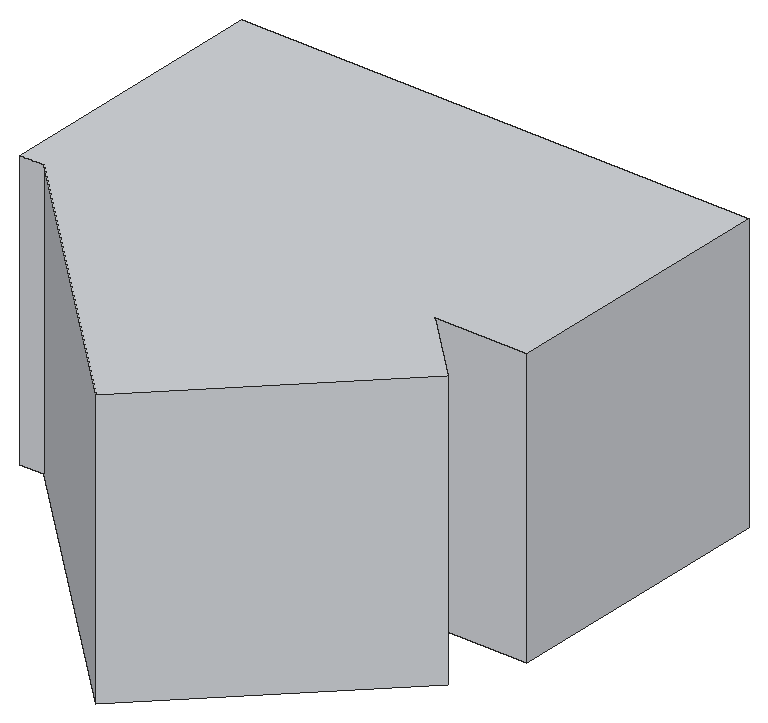
Revit family "M_Rectangular Wye - Lateral", category Duct Fittings, Revit 2014
Parameters (values of type "Standard")
  l6 [instance] = 0.794 mm  # constant formula
  l5 [instance] = 0.794 mm  # constant formula
  l4 [instance] = abs(h0 * cos(Angle))  # 300 mm
  Duct Length 1 [instance] = C1 + C2 + h0  # 549.264 mm
  l2 [instance] = if(Angle = 90.00°, Duct Length 1 / 2 - 25 mm, if(Angle < 90.00°, (Duct Width 3 / 2) * sin(Angle), C2 + h0 - l1 * cos(Angle) - C1 - (Duct Width 3 / 2) * sin(Angle)))  # 106.066 mm
  l1 [instance] = h2 / sin(Angle)  # 62.132 mm
  l0 [instance] = if(Angle = 90.00°, 0 mm, if(Angle < 90.00°, l1 * cos(Angle), 0 mm))  # 43.934 mm
  h2 [instance] = Duct Width 1 / 2 - h1  # 43.934 mm
  h1 [instance] = abs(Duct Width 3 * cos(Angle) / 2)  # 106.066 mm
  h0 [instance] = Duct Width 3 / sin(Angle)  # 424.264 mm
  Duct Width 3 [instance] = 300 mm
  Duct Width 1 [instance] = 300 mm
  Duct Length 3 [instance] = l4 + C3 + l1  # 462.132 mm
  Duct Height [instance] = 300 mm
  Duct Length 12 [instance] = if(Angle = 90.00°, Duct Length 1 / 2, if(Angle < 90.00°, C1 + l2, C2 + h0 - (Duct Width 3 / 2) * sin(Angle)))  # 131.066 mm
  Duct Length 11 [instance] = l4 + C3  # 400 mm
  C3 [instance] = 100 mm
  C2 [instance] = 100 mm
  C1 [instance] = 25 mm
  Assembly Code = ""
  Angle [instance] = 45.00°
Reference planes
  plane 1 "Center (Front/Back)": y = 0
  plane 2: z = 0
  plane 3 "Center (Left/Right)": x = 0
  plane 4: y = -43.934
  plane 5: x = 43.934
  plane 6: x = -62.132
  plane 7: x = -87.132
  plane 8: x = 462.132
  plane 9: x = 43.934
Forms (mm)
  Sweep 1, solid, detail levels medium+fine
    path in 3D
      loop
        line (-87.132, 0, 0) -> (462.132, 0, 0)
    profile "M_Duct - Rectangular : Duct - Rectangular 1" origin (187.5, 0, 0) x (0, 1, 0) y (0, 0, 1)
      loop
        line (-150, 150) -> (-150, -150) -> (150, -150) -> (150, 150) -> (-150, 150)
  Sweep 2, solid, detail levels medium+fine
    path in 3D
      loop
        line (43.934, -43.934, 0) -> (326.777, -326.777, 0)
    profile "M_Duct - Rectangular : Duct - Rectangular 3" origin (185.355, -185.355, 0) x (0.707107, 0.707107, 0) y (0, 0, 1)
      loop
        line (-150, 150) -> (-150, -150) -> (150, -150) -> (150, 150) -> (-150, 150)
Cuts and joins
  joined: Sweep 1, Sweep 2
Lines and regions (mm)
  model lines, detail levels coarse
    curve 1: line (-87.132, 0, 0) -> (462.132, 0, 0)
    curve 2: line (0, 0, 0) -> (326.777, -326.777, 0)
  sketch lines
    curve 3: line (-87.132, 0, 0) -> (462.132, 0, 0)
    curve 5: line (43.934, -43.934, 0) -> (326.777, -326.777, 0)
  reference lines
    curve 4: line (43.934, -43.934, 0) -> (326.777, -326.777, 0)
    curve 6: line (43.934, -43.934, 0) -> (43.373, -43.373, 0)
    curve 7: line (462.132, 0, 0) -> (462.926, 0, 0)
Dimensions and locks
  "h2": plane 4 to plane 1 "Center (Front/Back)"
  "l0": plane 3 "Center (Left/Right)" to plane 5
  "l2": plane 6 to plane 5
  "C1": plane 7 to plane 6
  "Duct Length 1": plane 7 to plane 8
  "Duct Length 3": curve 2 to curve 2
  "Duct Length 11": curve 4 to curve 4
  "Duct Length 12": plane 7 to plane 9
  "l5": curve 6 to curve 6
  "l6": plane 8 to curve 7
  "Angle": angle curve 2 to curve 1
  "Angle": angle curve 4 to plane 4
  locked: curve 4 to curve 6 (angle 180.00°)
  aligned and locked: plane 1 "Center (Front/Back)" to curve 1
  aligned and locked: plane 8 to curve 1
  aligned and locked: plane 7 to curve 1
  aligned and locked: plane 1 "Center (Front/Back)" to curve 2
  aligned and locked: plane 3 "Center (Left/Right)" to curve 2
  aligned and locked: plane 9 to curve 6
  aligned and locked: plane 4 to curve 6
  aligned and locked: plane 1 "Center (Front/Back)" to curve 7
  aligned and locked: plane 8 to curve 7
Connectors
  hvac at (-87.132, 0, 0), driven by "Duct Height", driven by "Duct Width 1"
    settings: on Sweep 1, index 1, duct flow 0.0 L/s, flow factor 0, pres drop 0.0 Pa, loss coef 0, conn angle 0.00°, conn width 300 mm, conn height 300 mm, conn diameter 609.6 mm, duct sys type 28, conn prof type 1, flow config 0, flow direction 0, loss method 0, conn ref index 2, conn util no, is conn primary yes, conn desc ""
  hvac at (462.132, 0, 0), driven by "Duct Height", driven by "Duct Width 1"
    settings: on Sweep 1, index 2, duct flow 0.0 L/s, flow factor 0, pres drop 0.0 Pa, loss coef 0, conn angle 0.00°, conn width 300 mm, conn height 300 mm, conn diameter 609.6 mm, duct sys type 28, conn prof type 1, flow config 0, flow direction 0, loss method 0, conn ref index 1, conn util no, is conn primary no, conn desc ""
  hvac at (326.777, -326.777, 0), driven by "Duct Height", driven by "Duct Width 3", driven by "Angle"
    settings: on Sweep 2, index 3, duct flow 0.0 L/s, flow factor 0, pres drop 0.0 Pa, loss coef 0, conn angle 45.00°, conn width 300 mm, conn height 300 mm, conn diameter 609.6 mm, duct sys type 28, conn prof type 1, flow config 0, flow direction 0, loss method 0, conn ref index -1, conn util no, is conn primary no, conn desc ""
